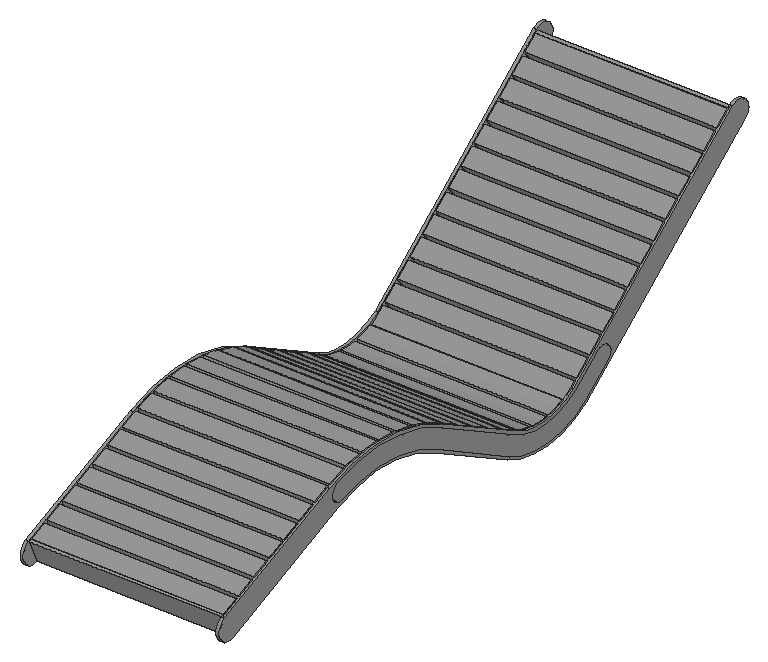
Revit family "10001 Парковый лежак 7 Хоббика", category Антураж, Revit 2018
Family settings
  На основе рабочей плоскости = Нет
  Всегда вертикально = Да
  При загрузке вырезать с полостями = Нет
  Источник визуального образа = Геометрия семейства
  Общий = Нет
  Точка расчета площади = Нет
Parameters (values of type "Парковый лежак 7")
  Ширина = 2230 mm  # constant formula
  Цвет отделки = Дерево
  Цвет каркаса = Сталь
  Описание = "Парковый лежак 7"  # constant formula
  Материал изделия = "Сталь, дерево"  # constant formula
  Изображение типоразмера = Парковый лежак 7 Арт 10001.jpeg
  Изготовитель = "ООО «Хоббика»"  # constant formula
  Длина = 670 mm  # constant formula
  Группа модели = "Лежаки и шезлонги"  # constant formula
  Высота = 690 mm  # constant formula
  Артикул товара = "Арт. 10001"  # constant formula
  URL = "https://hobbyka.ru/product/parkovyy_lezhak_7"
Reference planes
  plane 1 "По центру (Вперед/Назад)": y = 0
  plane 2: z = 0
  plane 3 "По центру (Влево/Вправо)": x = 0
  plane 4: x = 670
  plane 5: y = 2230
  plane 6: z = 690
Forms (mm)
  Extrusion 1, solid, material "Сталь" <- "Цвет каркаса"
    sketch origin (0, 0, 0) x (0, 1, 0) y (0, 0, 1)
      loop
        line (2163.81, 682.854) -> (1496.473, 122.891)
        arc (1496.473, 122.891) -> (1377.519, 78.878) -> (1252.703, 101.424) r 240.764
        line (1252.703, 101.424) -> (940.397, 261.5)
        arc (940.397, 261.5) -> (705.1, 321.258) -> (466.997, 273.897) r 550
        line (466.997, 273.897) -> (23.731, 76.542)
        arc (23.731, 76.542) -> (3.458, 23.731) -> (56.269, 3.458) r 40
        line (56.269, 3.458) -> (499.536, 200.813)
        arc (499.536, 200.813) -> (702.959, 241.287) -> (903.995, 190.262) r 470
        line (903.995, 190.262) -> (1217.151, 29.75)
        arc (1217.151, 29.75) -> (1385.579, -0.72) -> (1545.699, 59.764) r 320.764
        line (1545.699, 59.764) -> (2215.233, 621.571)
        arc (2215.233, 621.571) -> (2220.164, 677.924) -> (2163.81, 682.854) r 40
    from 0 to 10
  Extrusion 2, solid, material "Сталь" <- "Цвет каркаса"
    sketch origin (0, 0, 0) x (0, 1, 0) y (0, 0, 1)
      loop
        line (2163.81, 682.854) -> (1496.473, 122.891)
        arc (1496.473, 122.891) -> (1377.519, 78.878) -> (1252.703, 101.424) r 240.764
        line (1252.703, 101.424) -> (940.397, 261.5)
        arc (940.397, 261.5) -> (705.1, 321.258) -> (466.997, 273.897) r 550
        line (466.997, 273.897) -> (23.731, 76.542)
        arc (23.731, 76.542) -> (3.458, 23.731) -> (56.269, 3.458) r 40
        line (56.269, 3.458) -> (499.536, 200.813)
        arc (499.536, 200.813) -> (702.959, 241.287) -> (903.995, 190.262) r 470
        line (903.995, 190.262) -> (1217.151, 29.75)
        arc (1217.151, 29.75) -> (1385.579, -0.72) -> (1545.699, 59.764) r 320.764
        line (1545.699, 59.764) -> (2215.233, 621.571)
        arc (2215.233, 621.571) -> (2220.164, 677.924) -> (2163.81, 682.854) r 40
    from 660 to 670
  Extrusion 3, solid, material "Сталь" <- "Цвет каркаса"
    sketch origin (0, 0, 0) x (0, 1, 0) y (0, 0, 1)
      loop
        line (1248.267, 92.461) -> (935.846, 252.596)
        arc (935.846, 252.596) -> (718.765, 310.717) -> (496.822, 275.441) r 540
        arc (496.822, 275.441) -> (479.594, 236.671) -> (518.365, 219.442) r 30
        arc (518.365, 219.442) -> (715.611, 250.8) -> (908.545, 199.167) r 480
        line (908.545, 199.167) -> (1221.602, 38.706)
        arc (1221.602, 38.706) -> (1384.565, 9.229) -> (1539.529, 67.641) r 310.764
        line (1539.529, 67.641) -> (1636.716, 149.191)
        arc (1636.716, 149.191) -> (1640.414, 191.456) -> (1598.149, 195.154) r 30
        line (1598.149, 195.154) -> (1502.608, 114.985)
        arc (1502.608, 114.985) -> (1378.519, 68.927) -> (1248.267, 92.461) r 250.764
    from -1 to 0
  Extrusion 4, solid, material "Сталь" <- "Цвет каркаса"
    sketch origin (0, 0, 0) x (0, 1, 0) y (0, 0, 1)
      loop
        line (1248.267, 92.461) -> (935.846, 252.596)
        arc (935.846, 252.596) -> (718.765, 310.717) -> (496.822, 275.441) r 540
        arc (496.822, 275.441) -> (479.594, 236.671) -> (518.365, 219.442) r 30
        arc (518.365, 219.442) -> (715.611, 250.8) -> (908.545, 199.167) r 480
        line (908.545, 199.167) -> (1221.602, 38.706)
        arc (1221.602, 38.706) -> (1384.565, 9.229) -> (1539.529, 67.641) r 310.764
        line (1539.529, 67.641) -> (1636.716, 149.191)
        arc (1636.716, 149.191) -> (1640.414, 191.456) -> (1598.149, 195.154) r 30
        line (1598.149, 195.154) -> (1502.608, 114.985)
        arc (1502.608, 114.985) -> (1378.519, 68.927) -> (1248.267, 92.461) r 250.764
    from 670 to 671
  Extrusion 5, solid, material "Сталь" <- "Цвет каркаса"
    sketch origin (0, 0, 0) x (0, 1, 0) y (0, 0, 1)
      loop
        line (2163.81, 682.854) -> (2156.15, 676.426) -> (2207.573, 615.143) -> (2215.233, 621.571) -> (2163.81, 682.854)
      loop
        line (32.866, 80.609) -> (23.731, 76.542) -> (56.269, 3.458) -> (65.405, 7.526) -> (32.866, 80.609)
    from 10 to 660
  Extrusion 6, solid, material "Дерево" <- "Цвет отделки"
    sketch origin (0, 0, 0) x (0, 1, 0) y (0, 0, 1)
      loop
        line (2156.15, 676.426) -> (2110.187, 637.859) -> (2135.899, 607.217) -> (2181.861, 645.784) -> (2156.15, 676.426)
      loop
        line (471.369, 275.841) -> (416.556, 251.438) -> (432.824, 214.897) -> (487.637, 239.301) -> (471.369, 275.841)
      loop
        line (49.135, 44.067) -> (103.948, 68.472) -> (87.679, 105.013) -> (32.866, 80.609) -> (49.135, 44.067)
      loop
        line (113.084, 72.539) -> (167.896, 96.943) -> (151.627, 133.485) -> (96.814, 109.081) -> (113.084, 72.539)
      loop
        line (177.032, 101.01) -> (231.845, 125.415) -> (215.575, 161.957) -> (160.762, 137.552) -> (177.032, 101.01)
      loop
        line (240.98, 129.482) -> (295.793, 153.886) -> (279.523, 190.428) -> (224.711, 166.024) -> (240.98, 129.482)
      loop
        line (304.928, 157.954) -> (359.741, 182.358) -> (343.471, 218.9) -> (288.659, 194.495) -> (304.928, 157.954)
      loop
        line (368.876, 186.425) -> (423.689, 210.829) -> (407.42, 247.371) -> (352.607, 222.967) -> (368.876, 186.425)
      loop
        line (2102.527, 631.431) -> (2056.564, 592.864) -> (2082.276, 562.222) -> (2128.238, 600.789) -> (2102.527, 631.431)
      loop
        line (2048.904, 586.436) -> (2002.941, 547.869) -> (2028.652, 517.227) -> (2074.615, 555.794) -> (2048.904, 586.436)
      loop
        line (1995.281, 541.441) -> (1949.318, 502.874) -> (1975.029, 472.232) -> (2020.992, 510.799) -> (1995.281, 541.441)
      loop
        line (1941.657, 496.446) -> (1895.695, 457.878) -> (1921.406, 427.237) -> (1967.369, 465.804) -> (1941.657, 496.446)
      loop
        line (1888.034, 451.451) -> (1842.072, 412.883) -> (1867.783, 382.242) -> (1913.746, 420.809) -> (1888.034, 451.451)
      loop
        line (1834.411, 406.455) -> (1788.449, 367.888) -> (1814.16, 337.246) -> (1860.123, 375.814) -> (1834.411, 406.455)
      loop
        line (1780.788, 361.46) -> (1734.825, 322.893) -> (1760.537, 292.251) -> (1806.5, 330.818) -> (1780.788, 361.46)
      loop
        line (1727.165, 316.465) -> (1681.202, 277.898) -> (1706.914, 247.256) -> (1752.876, 285.823) -> (1727.165, 316.465)
      loop
        line (1673.542, 271.47) -> (1627.579, 232.903) -> (1653.291, 202.261) -> (1699.253, 240.828) -> (1673.542, 271.47)
      loop
        line (1619.919, 226.475) -> (1573.956, 187.908) -> (1599.668, 157.266) -> (1645.63, 195.833) -> (1619.919, 226.475)
      loop
        line (1566.296, 181.48) -> (1520.333, 142.912) -> (1546.044, 112.271) -> (1592.007, 150.838) -> (1566.296, 181.48)
      loop
        line (1512.673, 136.485) -> (1466.71, 97.917) -> (1492.421, 67.276) -> (1538.384, 105.843) -> (1512.673, 136.485)
      loop
        arc (1459.785, 101.278) -> (1431.96, 90.114) -> (1402.964, 82.496) r 240.764
        line (1402.964, 82.496) -> (1410.7, 43.251)
        arc (1410.7, 43.251) -> (1444.514, 52.135) -> (1476.961, 65.153) r 280.764
        line (1476.961, 65.153) -> (1459.785, 101.278)
      loop
        line (1252.703, 101.424) -> (1202.922, 126.94) -> (1184.676, 91.344) -> (1234.944, 65.579)
        arc (1234.944, 65.579) -> (1236.531, 64.823) -> (1238.123, 64.077) r 280.764
        line (1238.123, 64.077) -> (1256.385, 99.705)
        arc (1256.385, 99.705) -> (1254.54, 100.557) -> (1252.703, 101.424) r 240.764
      loop
        arc (940.399, 261.5) -> (915.694, 273.323) -> (890.431, 283.901) r 550
        line (890.431, 283.901) -> (875.905, 246.631)
        arc (875.905, 246.631) -> (901.565, 235.814) -> (926.597, 223.612) r 510
        line (926.597, 223.612) -> (944.848, 259.22) -> (940.399, 261.5)
      loop
        line (480.583, 279.727) -> (495.864, 242.762)
        arc (495.864, 242.762) -> (521.849, 252.683) -> (548.336, 261.173) r 510
        line (548.336, 261.173) -> (537.171, 299.582)
        arc (537.171, 299.582) -> (508.606, 290.426) -> (480.583, 279.727) r 550
      loop
        line (546.798, 302.286) -> (557.264, 263.681)
        arc (557.264, 263.681) -> (584.298, 270.223) -> (611.649, 275.283) r 510
        line (611.649, 275.283) -> (605.448, 314.798)
        arc (605.448, 314.798) -> (575.953, 309.342) -> (546.798, 302.286) r 550
      loop
        line (615.341, 316.258) -> (620.822, 276.637)
        arc (620.822, 276.637) -> (648.468, 279.695) -> (676.24, 281.242) r 510
        line (676.24, 281.242) -> (675.105, 321.225)
        arc (675.105, 321.225) -> (645.155, 319.557) -> (615.341, 316.258) r 550
      loop
        line (685.103, 321.418) -> (685.51, 281.42)
        arc (685.51, 281.42) -> (713.321, 280.945) -> (741.065, 278.954) r 510
        line (741.065, 278.954) -> (745.015, 318.758)
        arc (745.015, 318.758) -> (715.095, 320.905) -> (685.103, 321.418) r 550
      loop
        line (754.956, 317.68) -> (750.283, 277.955)
        arc (750.283, 277.955) -> (777.809, 273.953) -> (805.075, 268.457) r 510
        line (805.075, 268.457) -> (814.045, 307.438)
        arc (814.045, 307.438) -> (784.64, 313.365) -> (754.956, 317.68) r 550
      loop
        line (823.77, 305.107) -> (814.092, 266.295)
        arc (814.092, 266.295) -> (840.887, 258.832) -> (867.235, 249.92) r 510
        line (867.235, 249.92) -> (881.081, 287.447)
        arc (881.081, 287.447) -> (852.666, 297.059) -> (823.77, 305.107) r 550
      loop
        line (953.747, 254.658) -> (935.501, 219.061) -> (988.896, 191.693) -> (1007.142, 227.29) -> (953.747, 254.658)
      loop
        line (1016.041, 222.729) -> (997.795, 187.132) -> (1051.19, 159.764) -> (1069.435, 195.361) -> (1016.041, 222.729)
      loop
        line (1078.335, 190.799) -> (1060.089, 155.203) -> (1113.484, 127.834) -> (1131.729, 163.431) -> (1078.335, 190.799)
      loop
        line (1140.628, 158.87) -> (1122.383, 123.273) -> (1175.777, 95.905) -> (1194.023, 131.502) -> (1140.628, 158.87)
      loop
        line (1265.565, 95.741) -> (1250.474, 58.697)
        arc (1250.474, 58.697) -> (1283.61, 47.549) -> (1317.875, 40.605) r 280.764
        line (1317.875, 40.605) -> (1323.364, 80.227)
        arc (1323.364, 80.227) -> (1293.98, 86.181) -> (1265.565, 95.741) r 240.764
      loop
        line (1333.295, 79.061) -> (1329.456, 39.245)
        arc (1329.456, 39.245) -> (1364.398, 38.064) -> (1399.215, 41.234) r 280.764
        line (1399.215, 41.234) -> (1393.115, 80.766)
        arc (1393.115, 80.766) -> (1363.258, 78.047) -> (1333.295, 79.061) r 240.764
    from 10 to 660
Dimensions and locks
  "Ширина": plane 5 to plane 1 "По центру (Вперед/Назад)"
  "Длина": plane 3 "По центру (Влево/Вправо)" to plane 4
  "Высота": plane 6 to plane 2
  aligned and locked: level to plane 2
Automatic sketch dimensions
  Extrusion 1 sketch curve to Extrusion 1 sketch curve = 0 mm  (x4)
  Extrusion 1 sketch curve to plane 1 "По центру (Вперед/Назад)" = 23.731 mm
  Extrusion 1 sketch curve to plane 1 "По центру (Вперед/Назад)" = 40 mm
  level to Extrusion 1 sketch curve = 3.458 mm
  Extrusion 1 sketch curve to Extrusion 1 sketch curve = 16.269 mm
  Extrusion 1 sketch curve to plane 1 "По центру (Вперед/Назад)" = 466.997 mm
  Extrusion 1 sketch curve to Extrusion 1 sketch curve = 32.539 mm
  Extrusion 1 sketch curve to level = 228.553 mm
  Extrusion 1 sketch curve to Extrusion 1 sketch curve = 191.166 mm
  level to Extrusion 1 sketch curve = 190.262 mm
  Extrusion 1 sketch curve to Extrusion 1 sketch curve = 404.459 mm
  level to Extrusion 1 sketch curve = 261.5 mm
  Extrusion 1 sketch curve to Extrusion 1 sketch curve = 36.402 mm
  level to Extrusion 1 sketch curve = 29.75 mm
  Extrusion 1 sketch curve to Extrusion 1 sketch curve = 313.156 mm
  level to Extrusion 1 sketch curve = 101.424 mm
  Extrusion 1 sketch curve to Extrusion 1 sketch curve = 35.553 mm
  Extrusion 1 sketch curve to Extrusion 1 sketch curve = 103.695 mm
  level to Extrusion 1 sketch curve = 122.891 mm
  Extrusion 1 sketch curve to Extrusion 1 sketch curve = 140.075 mm
  level to Extrusion 1 sketch curve = 59.764 mm
  Extrusion 1 sketch curve to plane 6 = 7.146 mm
  Extrusion 1 sketch curve to plane 5 = 66.19 mm
  Extrusion 1 sketch curve to Extrusion 1 sketch curve = 25.712 mm
  Extrusion 1 sketch curve to plane 5 = 14.767 mm
  Extrusion 1 sketch curve to Extrusion 1 sketch curve = 36.542 mm
  Extrusion 1 sketch curve to plane 6 = 68.429 mm
  Extrusion 2 sketch curve to Extrusion 2 sketch curve = 0 mm  (x4)
  Extrusion 2 sketch curve to plane 1 "По центру (Вперед/Назад)" = 23.731 mm
  Extrusion 2 sketch curve to plane 1 "По центру (Вперед/Назад)" = 40 mm
  level to Extrusion 2 sketch curve = 3.458 mm
  Extrusion 2 sketch curve to Extrusion 2 sketch curve = 16.269 mm
  Extrusion 2 sketch curve to plane 1 "По центру (Вперед/Назад)" = 466.997 mm
  Extrusion 2 sketch curve to Extrusion 2 sketch curve = 32.539 mm
  Extrusion 2 sketch curve to level = 228.553 mm
  Extrusion 2 sketch curve to Extrusion 2 sketch curve = 191.166 mm
  level to Extrusion 2 sketch curve = 190.262 mm
  Extrusion 2 sketch curve to Extrusion 2 sketch curve = 404.459 mm
  level to Extrusion 2 sketch curve = 261.5 mm
  Extrusion 2 sketch curve to Extrusion 2 sketch curve = 36.402 mm
  level to Extrusion 2 sketch curve = 29.75 mm
  Extrusion 2 sketch curve to Extrusion 2 sketch curve = 313.156 mm
  level to Extrusion 2 sketch curve = 101.424 mm
  Extrusion 2 sketch curve to Extrusion 2 sketch curve = 35.553 mm
  Extrusion 2 sketch curve to Extrusion 2 sketch curve = 103.695 mm
  level to Extrusion 2 sketch curve = 122.891 mm
  Extrusion 2 sketch curve to Extrusion 2 sketch curve = 140.075 mm
  level to Extrusion 2 sketch curve = 59.764 mm
  Extrusion 2 sketch curve to plane 6 = 7.146 mm
  Extrusion 2 sketch curve to plane 5 = 66.19 mm
  Extrusion 2 sketch curve to Extrusion 2 sketch curve = 25.712 mm
  Extrusion 2 sketch curve to plane 5 = 14.767 mm
  Extrusion 2 sketch curve to Extrusion 2 sketch curve = 36.542 mm
  Extrusion 2 sketch curve to plane 6 = 68.429 mm
  Extrusion 3 sketch curve to Extrusion 3 sketch curve = 0 mm  (x5)
  level to Extrusion 3 sketch curve = 247.442 mm
  Extrusion 3 sketch curve to plane 1 "По центру (Вперед/Назад)" = 507.594 mm
  Extrusion 3 sketch curve to level = 228.553 mm
  Extrusion 3 sketch curve to Extrusion 3 sketch curve = 183.109 mm
  level to Extrusion 3 sketch curve = 199.167 mm
  Extrusion 3 sketch curve to Extrusion 3 sketch curve = 400.952 mm
  level to Extrusion 3 sketch curve = 252.596 mm
  Extrusion 3 sketch curve to Extrusion 3 sketch curve = 27.301 mm
  level to Extrusion 3 sketch curve = 38.706 mm
  Extrusion 3 sketch curve to Extrusion 3 sketch curve = 313.057 mm
  level to Extrusion 3 sketch curve = 92.461 mm
  Extrusion 3 sketch curve to Extrusion 3 sketch curve = 26.665 mm
  Extrusion 3 sketch curve to Extrusion 3 sketch curve = 108.131 mm
  level to Extrusion 3 sketch curve = 114.985 mm
  Extrusion 3 sketch curve to Extrusion 3 sketch curve = 146.21 mm
  level to Extrusion 3 sketch curve = 67.641 mm
  level to Extrusion 3 sketch curve = 195.154 mm
  Extrusion 3 sketch curve to Extrusion 3 sketch curve = 95.541 mm
  Extrusion 3 sketch curve to Extrusion 3 sketch curve = 19.284 mm  (x2)
  level to Extrusion 3 sketch curve = 149.191 mm
  Extrusion 4 sketch curve to Extrusion 4 sketch curve = 0 mm  (x5)
  level to Extrusion 4 sketch curve = 247.442 mm
  Extrusion 4 sketch curve to plane 1 "По центру (Вперед/Назад)" = 507.594 mm
  Extrusion 4 sketch curve to level = 228.553 mm
  Extrusion 4 sketch curve to Extrusion 4 sketch curve = 183.109 mm
  level to Extrusion 4 sketch curve = 199.167 mm
  Extrusion 4 sketch curve to Extrusion 4 sketch curve = 400.952 mm
  level to Extrusion 4 sketch curve = 252.596 mm
  Extrusion 4 sketch curve to Extrusion 4 sketch curve = 27.301 mm
  level to Extrusion 4 sketch curve = 38.706 mm
  Extrusion 4 sketch curve to Extrusion 4 sketch curve = 313.057 mm
  level to Extrusion 4 sketch curve = 92.461 mm
  Extrusion 4 sketch curve to Extrusion 4 sketch curve = 26.665 mm
  Extrusion 4 sketch curve to Extrusion 4 sketch curve = 108.131 mm
  level to Extrusion 4 sketch curve = 114.985 mm
  Extrusion 4 sketch curve to Extrusion 4 sketch curve = 146.21 mm
  level to Extrusion 4 sketch curve = 67.641 mm
  level to Extrusion 4 sketch curve = 195.154 mm
  Extrusion 4 sketch curve to Extrusion 4 sketch curve = 95.541 mm
  Extrusion 4 sketch curve to Extrusion 4 sketch curve = 19.284 mm  (x2)
  level to Extrusion 4 sketch curve = 149.191 mm
  Extrusion 5 sketch curve to plane 6 = 13.574 mm
  Extrusion 5 sketch curve to plane 5 = 73.85 mm
  Extrusion 5 sketch curve to plane 6 = 7.146 mm
  Extrusion 5 sketch curve to Extrusion 5 sketch curve = 7.66 mm
  Extrusion 5 sketch curve to plane 5 = 22.427 mm
  Extrusion 5 sketch curve to plane 1 "По центру (Вперед/Назад)" = 56.269 mm
  level to Extrusion 5 sketch curve = 3.458 mm
  Extrusion 5 sketch curve to plane 1 "По центру (Вперед/Назад)" = 23.731 mm
  Extrusion 5 sketch curve to Extrusion 5 sketch curve = 9.135 mm
  Extrusion 5 sketch curve to Extrusion 5 sketch curve = 4.067 mm
  Extrusion 6 sketch curve to Extrusion 6 sketch curve = 0 mm  (x66)
  Extrusion 6 sketch curve to plane 1 "По центру (Вперед/Назад)" = 32.866 mm
  Extrusion 6 sketch curve to Extrusion 6 sketch curve = 16.269 mm
  Extrusion 6 sketch curve to Extrusion 6 sketch curve = 54.813 mm  (x7)
  Extrusion 6 sketch curve to Extrusion 6 sketch curve = 9.135 mm  (x11)
  level to Extrusion 6 sketch curve = 72.539 mm
  level to Extrusion 6 sketch curve = 101.01 mm
  level to Extrusion 6 sketch curve = 129.482 mm
  level to Extrusion 6 sketch curve = 190.428 mm
  level to Extrusion 6 sketch curve = 157.954 mm
  level to Extrusion 6 sketch curve = 218.9 mm
  level to Extrusion 6 sketch curve = 186.425 mm
  level to Extrusion 6 sketch curve = 247.371 mm
  Extrusion 6 sketch curve to Extrusion 6 sketch curve = 9.136 mm
  level to Extrusion 6 sketch curve = 214.897 mm
  Extrusion 6 sketch curve to level = 228.553 mm
  Extrusion 6 sketch curve to Extrusion 6 sketch curve = 203.065 mm
  Extrusion 6 sketch curve to Extrusion 6 sketch curve = 0.002 mm
  level to Extrusion 6 sketch curve = 261.5 mm
  Extrusion 6 sketch curve to Extrusion 6 sketch curve = 4.897 mm
  level to Extrusion 6 sketch curve = 65.579 mm
  Extrusion 6 sketch curve to Extrusion 6 sketch curve = 17.759 mm
  level to Extrusion 6 sketch curve = 67.276 mm
  Extrusion 6 sketch curve to Extrusion 6 sketch curve = 25.712 mm
  level to Extrusion 6 sketch curve = 142.912 mm
  Extrusion 6 sketch curve to Extrusion 6 sketch curve = 7.66 mm  (x24)
  level to Extrusion 6 sketch curve = 112.271 mm
  level to Extrusion 6 sketch curve = 181.48 mm
  level to Extrusion 6 sketch curve = 187.908 mm
  level to Extrusion 6 sketch curve = 157.266 mm
  level to Extrusion 6 sketch curve = 226.475 mm
  level to Extrusion 6 sketch curve = 232.903 mm
  level to Extrusion 6 sketch curve = 202.261 mm
  level to Extrusion 6 sketch curve = 271.47 mm
  level to Extrusion 6 sketch curve = 247.256 mm
  level to Extrusion 6 sketch curve = 316.465 mm
  Extrusion 6 sketch curve to Extrusion 6 sketch curve = 45.963 mm  (x9)
  level to Extrusion 6 sketch curve = 292.251 mm
  Extrusion 6 sketch curve to plane 6 = 328.54 mm
  Extrusion 6 sketch curve to plane 6 = 58.569 mm
  Extrusion 6 sketch curve to plane 6 = 13.574 mm
  Extrusion 6 sketch curve to Extrusion 6 sketch curve = 0.001 mm
  level to Extrusion 6 sketch curve = 44.067 mm
  Extrusion 6 sketch curve to Extrusion 6 sketch curve = 4.067 mm  (x3)
  Extrusion 6 sketch curve to Extrusion 6 sketch curve = 6.428 mm  (x12)
  level to Extrusion 6 sketch curve = 242.762 mm
  level to Extrusion 6 sketch curve = 261.173 mm
  level to Extrusion 6 sketch curve = 263.681 mm
  level to Extrusion 6 sketch curve = 275.283 mm
  level to Extrusion 6 sketch curve = 276.637 mm
  level to Extrusion 6 sketch curve = 281.242 mm
  level to Extrusion 6 sketch curve = 281.42 mm
  level to Extrusion 6 sketch curve = 278.954 mm
  level to Extrusion 6 sketch curve = 318.758 mm
  level to Extrusion 6 sketch curve = 277.955 mm
  level to Extrusion 6 sketch curve = 317.68 mm
  level to Extrusion 6 sketch curve = 268.457 mm
  level to Extrusion 6 sketch curve = 307.438 mm
  level to Extrusion 6 sketch curve = 266.295 mm
  level to Extrusion 6 sketch curve = 305.107 mm
  level to Extrusion 6 sketch curve = 249.92 mm
  level to Extrusion 6 sketch curve = 246.631 mm
  level to Extrusion 6 sketch curve = 287.447 mm
  level to Extrusion 6 sketch curve = 283.901 mm
  level to Extrusion 6 sketch curve = 191.693 mm
  level to Extrusion 6 sketch curve = 187.132 mm
  level to Extrusion 6 sketch curve = 222.729 mm
  level to Extrusion 6 sketch curve = 159.764 mm
  level to Extrusion 6 sketch curve = 155.203 mm
  level to Extrusion 6 sketch curve = 190.799 mm
  level to Extrusion 6 sketch curve = 127.834 mm
  level to Extrusion 6 sketch curve = 123.273 mm
  level to Extrusion 6 sketch curve = 163.431 mm
  level to Extrusion 6 sketch curve = 158.87 mm
  level to Extrusion 6 sketch curve = 126.94 mm
  level to Extrusion 6 sketch curve = 64.077 mm
  Extrusion 6 sketch curve to Extrusion 6 sketch curve = 3.179 mm
  level to Extrusion 6 sketch curve = 58.697 mm
  Extrusion 6 sketch curve to Extrusion 6 sketch curve = 3.681 mm
  level to Extrusion 6 sketch curve = 40.605 mm
  level to Extrusion 6 sketch curve = 80.227 mm
  level to Extrusion 6 sketch curve = 39.245 mm
  level to Extrusion 6 sketch curve = 79.061 mm
  level to Extrusion 6 sketch curve = 41.234 mm
  level to Extrusion 6 sketch curve = 82.496 mm
  Extrusion 6 sketch curve to Extrusion 6 sketch curve = 9.849 mm
  level to Extrusion 6 sketch curve = 43.251 mm
  Extrusion 6 sketch curve to Extrusion 6 sketch curve = 7.736 mm
  level to Extrusion 6 sketch curve = 65.153 mm
  Extrusion 6 sketch curve to Extrusion 6 sketch curve = 61.423 mm
  Extrusion 6 sketch curve to Extrusion 6 sketch curve = 9.214 mm
  Extrusion 6 sketch curve to Extrusion 6 sketch curve = 9.627 mm
  Extrusion 6 sketch curve to Extrusion 6 sketch curve = 8.927 mm
  Extrusion 6 sketch curve to Extrusion 6 sketch curve = 9.998 mm
  Extrusion 6 sketch curve to Extrusion 6 sketch curve = 9.219 mm
  Extrusion 6 sketch curve to Extrusion 6 sketch curve = 9.942 mm
  Extrusion 6 sketch curve to Extrusion 6 sketch curve = 9.724 mm
  level to Extrusion 6 sketch curve = 239.301 mm
  Extrusion 6 sketch curve to Extrusion 6 sketch curve = 10.466 mm
  Extrusion 6 sketch curve to Extrusion 6 sketch curve = 2.704 mm
  Extrusion 6 sketch curve to Extrusion 6 sketch curve = 9.893 mm
  Extrusion 6 sketch curve to Extrusion 6 sketch curve = 9.173 mm
  Extrusion 6 sketch curve to Extrusion 6 sketch curve = 1.46 mm
  Extrusion 6 sketch curve to Extrusion 6 sketch curve = 9.271 mm
  Extrusion 6 sketch curve to Extrusion 6 sketch curve = 0.193 mm
  Extrusion 6 sketch curve to Extrusion 6 sketch curve = 9.017 mm
  level to Extrusion 6 sketch curve = 223.612 mm
  Extrusion 6 sketch curve to Extrusion 6 sketch curve = 8.899 mm  (x7)
  Extrusion 6 sketch curve to Extrusion 6 sketch curve = 4.45 mm
  Extrusion 6 sketch curve to Extrusion 6 sketch curve = 71.193 mm  (x2)
  level to Extrusion 6 sketch curve = 95.905 mm
  Extrusion 6 sketch curve to Extrusion 6 sketch curve = 59.167 mm
  level to Extrusion 6 sketch curve = 131.502 mm
  Extrusion 6 sketch curve to Extrusion 6 sketch curve = 9.35 mm
  Extrusion 6 sketch curve to Extrusion 6 sketch curve = 8.67 mm
  Extrusion 6 sketch curve to Extrusion 6 sketch curve = 4.561 mm
  level to Extrusion 6 sketch curve = 314.798 mm
  Extrusion 6 sketch curve to Extrusion 6 sketch curve = 53.395 mm
  Extrusion 6 sketch curve to Extrusion 6 sketch curve = 8.904 mm
  Extrusion 6 sketch curve to Extrusion 6 sketch curve = 4.551 mm
  level to Extrusion 6 sketch curve = 195.361 mm
  level to Extrusion 6 sketch curve = 91.344 mm
  Extrusion 6 sketch curve to Extrusion 6 sketch curve = 12.351 mm
  Extrusion 6 sketch curve to Extrusion 6 sketch curve = 6.925 mm
  Extrusion 6 sketch curve to Extrusion 6 sketch curve = 15.46 mm
  Extrusion 6 sketch curve to Extrusion 6 sketch curve = 11.485 mm
  Extrusion 6 sketch curve to Extrusion 6 sketch curve = 3.36 mm
  Extrusion 6 sketch curve to Extrusion 6 sketch curve = 9.931 mm
  Extrusion 6 sketch curve to Extrusion 6 sketch curve = 67.73 mm
  Extrusion 6 sketch curve to Extrusion 6 sketch curve = 11.581 mm
  Extrusion 6 sketch curve to Extrusion 6 sketch curve = 5.488 mm
  Extrusion 6 sketch curve to Extrusion 6 sketch curve = 5.683 mm
  Extrusion 6 sketch curve to Extrusion 6 sketch curve = 33.034 mm
  Extrusion 6 sketch curve to Extrusion 6 sketch curve = 6.2 mm
  Extrusion 6 sketch curve to Extrusion 6 sketch curve = 8.227 mm
